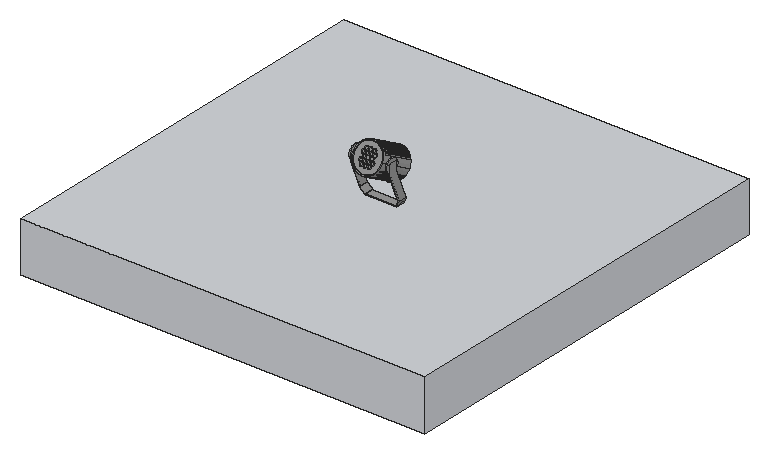
Revit family "LAMP_SHOT LED G2", category Modelos genéricos, Revit 2015 (continued)
Definition of nested family "Cabeza Shot g2"
  Automatic sketch dimensions
    Extrusion 11 sketch curve to plane 3 "Eje de origen de luz (I/D)" = 0.151 mm
    Extrusion 11 sketch curve to Extrusion 11 sketch curve = 0.276 mm
    Extrusion 11 sketch curve to Extrusion 11 sketch curve = 0.74 mm
    Extrusion 11 sketch curve to Extrusion 11 sketch curve = 0.762 mm  (x2)
    Extrusion 11 sketch curve to plane 1 "Eje de origen de luz (F/P)" = 2.345 mm
    Extrusion 11 sketch curve to plane 1 "Eje de origen de luz (F/P)" = 1.588 mm
    Extrusion 11 sketch curve to plane 1 "Eje de origen de luz (F/P)" = 1.499 mm
    Extrusion 11 sketch curve to plane 1 "Eje de origen de luz (F/P)" = 0.763 mm
    Extrusion 11 sketch curve to plane 1 "Eje de origen de luz (F/P)" = 0.678 mm
    plane 1 "Eje de origen de luz (F/P)" to Extrusion 11 sketch curve = 5.62 mm
    plane 1 "Eje de origen de luz (F/P)" to Extrusion 11 sketch curve = 5.8 mm
    plane 1 "Eje de origen de luz (F/P)" to Extrusion 11 sketch curve = 5.802 mm
    Extrusion 11 sketch curve to Extrusion 11 sketch curve = 0.004 mm
    Extrusion 11 sketch curve to Extrusion 11 sketch curve = 0.036 mm
    Extrusion 11 sketch curve to Extrusion 11 sketch curve = 0.308 mm
    Extrusion 11 sketch curve to Extrusion 11 sketch curve = 0.25 mm
    Extrusion 11 sketch curve to Extrusion 11 sketch curve = 0.733 mm
    Extrusion 11 sketch curve to Extrusion 11 sketch curve = 1.743 mm
    Extrusion 11 sketch curve to Extrusion 11 sketch curve = 1.437 mm
    Extrusion 11 sketch curve to Extrusion 11 sketch curve = 1.371 mm
    Extrusion 11 sketch curve to Extrusion 11 sketch curve = 1.628 mm
    Extrusion 11 sketch curve to Extrusion 11 sketch curve = 1.615 mm
    Extrusion 11 sketch curve to Extrusion 11 sketch curve = 1.682 mm
    Extrusion 11 sketch curve to Extrusion 11 sketch curve = 0.237 mm
    Extrusion 11 sketch curve to Extrusion 11 sketch curve = 0.252 mm
    Extrusion 11 sketch curve to Extrusion 11 sketch curve = 0.727 mm
    Extrusion 11 sketch curve to Extrusion 11 sketch curve = 0.775 mm
    Extrusion 11 sketch curve to Extrusion 11 sketch curve = 1.677 mm
    Extrusion 11 sketch curve to Extrusion 11 sketch curve = 0.946 mm
    Extrusion 11 sketch curve to Extrusion 11 sketch curve = 0.48 mm
    Extrusion 11 sketch curve to Extrusion 11 sketch curve = 6.048 mm
    Extrusion 11 sketch curve to Extrusion 11 sketch curve = 1.476 mm
    Extrusion 11 sketch curve to Extrusion 11 sketch curve = 9.055 mm
    Extrusion 11 sketch curve to Extrusion 11 sketch curve = 0.453 mm
    Extrusion 11 sketch curve to Extrusion 11 sketch curve = 1.725 mm
    Extrusion 11 sketch curve to Extrusion 11 sketch curve = 0.824 mm
    plane 3 "Eje de origen de luz (I/D)" to Extrusion 11 sketch curve = 3.954 mm  (x2)
    Extrusion 11 sketch curve to Extrusion 11 sketch curve = 0.076 mm
    Extrusion 11 sketch curve to Extrusion 11 sketch curve = 1.696 mm
    Extrusion 11 sketch curve to Extrusion 11 sketch curve = 0.883 mm
    Extrusion 11 sketch curve to Extrusion 11 sketch curve = 0.277 mm
    Extrusion 11 sketch curve to Extrusion 11 sketch curve = 3.444 mm
    plane 5 to Revolve 8 sketch curve = 46.5 mm
    plane 3 "Eje de origen de luz (I/D)" to Revolve 8 sketch curve = 100 mm
    Revolve 8 sketch curve to Revolve 8 sketch curve = 5 mm
    Revolve 8 sketch curve to Revolve 8 sketch curve = 14 mm
    Revolve 8 sketch curve to Revolve 8 sketch curve = 12.5 mm
    Revolve 8 sketch curve to Revolve 8 sketch curve = 27.5 mm
    Revolve 8 sketch curve to Revolve 8 sketch curve = 0 mm  (x2)
    Revolve 8 sketch curve to Revolve 8 sketch curve = 2 mm
    Extrusion 5 sketch curve to plane 3 "Eje de origen de luz (I/D)" = 0 mm  (x3)
    plane 1 "Eje de origen de luz (F/P)" to Extrusion 5 sketch curve = 0 mm  (x3)
    Extrusion 5 sketch curve to plane 1 "Eje de origen de luz (F/P)" = 19.947 mm  (x4)
    Extrusion 5 sketch curve to Extrusion 5 sketch curve = 20.3 mm  (x2)
    Extrusion 5 sketch curve to Extrusion 5 sketch curve = 0 mm  (x4)
    plane 1 "Eje de origen de luz (F/P)" to Extrusion 5 sketch curve = 19.947 mm  (x4)
    Extrusion 5 sketch curve to plane 3 "Eje de origen de luz (I/D)" = 11.5 mm  (x2)
    Extrusion 5 sketch curve to Extrusion 5 sketch curve = 23 mm  (x7)
    plane 3 "Eje de origen de luz (I/D)" to Extrusion 5 sketch curve = 11.5 mm  (x2)
    plane 3 "Eje de origen de luz (I/D)" to Extrusion 5 sketch curve = 23 mm  (x3)
    Extrusion 6 sketch curve to plane 3 "Eje de origen de luz (I/D)" = 0 mm  (x2)
    plane 1 "Eje de origen de luz (F/P)" to Extrusion 6 sketch curve = 0 mm  (x2)
    Extrusion 6 sketch curve to plane 1 "Eje de origen de luz (F/P)" = 19.947 mm  (x4)
    Extrusion 6 sketch curve to Extrusion 6 sketch curve = 20.3 mm  (x4)
    Extrusion 6 sketch curve to Extrusion 6 sketch curve = 0 mm  (x2)
    plane 1 "Eje de origen de luz (F/P)" to Extrusion 6 sketch curve = 19.947 mm  (x4)
    Extrusion 6 sketch curve to plane 3 "Eje de origen de luz (I/D)" = 11.5 mm  (x2)
    Extrusion 6 sketch curve to Extrusion 6 sketch curve = 11.5 mm  (x10)
    plane 3 "Eje de origen de luz (I/D)" to Extrusion 6 sketch curve = 11.5 mm  (x2)
    Extrusion 6 sketch curve to plane 1 "Eje de origen de luz (F/P)" = 9.647 mm  (x4)
    Extrusion 6 sketch curve to plane 1 "Eje de origen de luz (F/P)" = 10.3 mm  (x2)
    Extrusion 6 sketch curve to Extrusion 6 sketch curve = 10.3 mm  (x4)
    plane 1 "Eje de origen de luz (F/P)" to Extrusion 6 sketch curve = 9.647 mm  (x4)
    radius of Extrusion 5 sketch curve = 85 mm
    radius of Extrusion 5 sketch curve = 10.3 mm  (x16)
    radius of Extrusion 6 sketch curve = 10.3 mm  (x2)
Types (20, lengths in mm): name | Weight | Product datasheet | Product code | Power | Plum | Photometric web file | Modelo | Material lira | Luminaire type | LED Lifetime | Initial intensity | Initial color | Finish | Efficacy | Descripción
  3850LM 4000 STREET ANT | 6.428 kg | "http://www.lamp.es/product-files/TECH/SH250ST840NA-EN.pdf" | "SH250ST840NA" | 37 W | 41 W | Cabeza Shot g2 : 3850LM 4000 STREET ANT | "SH250ST840NA" | LAMP_Aluminio Shot Antracita | "Outdoor - Spotlight" | "60.000 L90 B10" | 3850 lm | 4000 K | "Textured anthracite grey" | 93.9 lm/W | "SHOT G2 5000 STREET 80 NW ANT"
  3850LM 4000 STREET GR | 6.428 kg | "http://www.lamp.es/product-files/TECH/SH250ST840NG-EN.pdf" | "SH250ST840NG" | 37 W | 41 W | Cabeza Shot g2 : 3850LM 4000 STREET GR | "SH250ST840NG" | LAMP_Aluminio Shot | "Outdoor - Spotlight" | "60.000 L90 B10" | 3850 lm | 4000 K | "Texturised grey" | 93.9 lm/W | "SHOT G2 5000 STREET 80 NW GR"
  4112LM 3000 MEDIUM FLOOD ANT | 6.378 kg | "http://www.lamp.es/product-files/TECH/SH250MF830NA-EN.pdf" | "SH250MF830NA" | 37 W | 41 W | Cabeza Shot g2 : 4112LM 3000 MEDIUM FLOOD ANT | "SH250MF830NA" | LAMP_Aluminio Shot Antracita | "Outdoor - Spotlight" | "60.000 L90 B10" | 4112 lm | 3000 K | "Textured anthracite grey" | 100.3 lm/W | "SHOT G2 5000 MFL 80 WW ANT"
  4112LM 3000 MEDIUM FLOOD GR | 6.378 kg | "http://www.lamp.es/product-files/TECH/SH250MF830NG-EN.pdf" | "SH250MF830NG" | 37 W | 41 W | Cabeza Shot g2 : 4112LM 3000 MEDIUM FLOOD GR | "SH250MF830NG" | LAMP_Aluminio Shot | "Outdoor - Spotlight" | "60.000 L90 B10" | 4112 lm | 3000 K | "Texturised grey" | 100.3 lm/W | "SHOT G2 5000 MFL 80 WW GR"
  4112LM 4000 MEDIUM FLOOD ANT | 6.378 kg | "http://www.lamp.es/product-files/TECH/SH250MF840NA-EN.pdf" | "SH250MF840NA" | 37 W | 41 W | Cabeza Shot g2 : 4112LM 4000 MEDIUM FLOOD ANT | "SH250MF840NA" | LAMP_Aluminio Shot Antracita | "Outdoor - Spotlight" | "60.000 L90 B10" | 4112 lm | 4000 K | "Textured anthracite grey" | 100.3 lm/W | "SHOT G2 5000 MFL 80 NW ANT"
  4112LM 4000 MEDIUM FLOOD GR | 6.378 kg | "http://www.lamp.es/product-files/TECH/SH250MF840NG-EN.pdf" | "SH250MF840NG" | 37 W | 41 W | Cabeza Shot g2 : 4112LM 4000 MEDIUM FLOOD GR | "SH250MF840NG" | LAMP_Aluminio Shot | "Outdoor - Spotlight" | "60.000 L90 B10" | 4112 lm | 4000 K | "Texturised grey" | 100.3 lm/W | "SHOT G2 5000 MFL 80 NW GR"
  4127LM 3000 SPOT ANT | 6.378 kg | "http://www.lamp.es/product-files/TECH/SH250SP830NA-EN.pdf" | "SH250SP830NA" | 37 W | 41 W | Cabeza Shot g2 : 4127LM 3000 SPOT ANT | "SH250SP830NA" | LAMP_Aluminio Shot Antracita | "Outdoor - Spotlight" | "60.000 L90 B10" | 4127 lm | 3000 K | "Textured anthracite grey" | 100.7 lm/W | "SHOT G2 5000 SP 80 WW ANT"
  4127LM 3000 SPOT GR | 6.378 kg | "http://www.lamp.es/product-files/TECH/SH250SP830NG-EN.pdf" | "SH250SP830NG" | 37 W | 41 W | Cabeza Shot g2 : 4127LM 3000 SPOT GR | "SH250SP830NG" | LAMP_Aluminio Shot | "Outdoor - Spotlight" | "60.000 L90 B10" | 4127 lm | 3000 K | "Texturised grey" | 100.7 lm/W | "SHOT G2 5000 SP 80 WW GR"
  4127LM 4000 SPOT ANT | 6.378 kg | "http://www.lamp.es/product-files/TECH/SH250SP840NA-EN.pdf" | "SH250SP840NA" | 37 W | 41 W | Cabeza Shot g2 : 4127LM 4000 SPOT ANT | "SH250SP840NA" | LAMP_Aluminio Shot Antracita | "Outdoor - Spotlight" | "60.000 L90 B10" | 4127 lm | 4000 K | "Textured anthracite grey" | 100.7 lm/W | "SHOT G2 5000 SP 80 NW ANT"
  4127LM 4000 SPOT GR | 6.378 kg | "http://www.lamp.es/product-files/TECH/SH250SP840NG-EN.pdf" | "SH250SP840NG" | 37 W | 41 W | Cabeza Shot g2 : 4127LM 4000 SPOT GR | "SH250SP840NG" | LAMP_Aluminio Shot | "Outdoor - Spotlight" | "60.000 L90 B10" | 4127 lm | 4000 K | "Texturised grey" | 100.7 lm/W | "SHOT G2 5000 SP 80 NW GR"
  5050LM 4000 STREET ANT | 6.524 kg | "http://www.lamp.es/product-files/TECH/SH270ST840NA-EN.pdf" | "SH270ST840NA" | 56 W | 61.2 W | Cabeza Shot g2 : 5050LM 4000 STREET ANT | "SH270ST840NA" | LAMP_Aluminio Shot Antracita | "Outdoor - Spotlight" | "60.000 L80 B10" | 5050 lm | 4000 K | "Textured anthracite grey" | 82.5 lm/W | "SHOT G2 7200 STREET 80 NW ANT"
  5050LM 4000 STREET GR | 6.524 kg | "http://www.lamp.es/product-files/TECH/SH270ST840NG-EN.pdf" | "SH270ST840NG" | 56 W | 61.2 W | Cabeza Shot g2 : 5050LM 4000 STREET GR | "SH270ST840NG" | LAMP_Aluminio Shot | "Outdoor - Spotlight" | "60.000 L80 B10" | 5050 lm | 4000 K | "Texturised grey" | 82.5 lm/W | "SHOT G2 7200 STREET 80 NW GR"
  5396LM 3000 MEDIUM FLOOD ANT | 6.474 kg | "http://www.lamp.es/product-files/TECH/SH270MF830NA-EN.pdf" | "SH270MF830NA" | 56 W | 61.2 W | Cabeza Shot g2 : 5396LM 3000 MEDIUM FLOOD ANT | "SH270MF830NA" | LAMP_Aluminio Shot Antracita | "Outdoor - Spotlight" | "60.000 L80 B10" | 5396 lm | 3000 K | "Textured anthracite grey" | 88.2 lm/W | "SHOT G2 7200 MFL 80 WW ANT"
  5396LM 3000 MEDIUM FLOOD GR | 6.474 kg | "http://www.lamp.es/product-files/TECH/SH270MF830NG-EN.pdf" | "SH270MF830NG" | 56 W | 61.2 W | Cabeza Shot g2 : 5396LM 3000 MEDIUM FLOOD GR | "SH270MF830NG" | LAMP_Aluminio Shot | "Outdoor - Spotlight" | "60.000 L80 B10" | 5396 lm | 3000 K | "Texturised grey" | 88.2 lm/W | "SHOT G2 7200 MFL 80 WW GR"
  5396LM 4000 MEDIUM FLOOD ANT | 6.474 kg | "http://www.lamp.es/product-files/TECH/SH270MF840NA-EN.pdf" | "SH270MF840NA" | 56 W | 61.2 W | Cabeza Shot g2 : 5396LM 4000 MEDIUM FLOOD ANT | "SH270MF840NA" | LAMP_Aluminio Shot Antracita | "Outdoor - Spotlight" | "60.000 L80 B10" | 5396 lm | 4000 K | "Textured anthracite grey" | 88.2 lm/W | "SHOT G2 7200 MFL 80 NW ANT"
  5396LM 4000 MEDIUM FLOOD GR | 6.474 kg | "http://www.lamp.es/product-files/TECH/SH270MF840NG-EN.pdf" | "SH270MF840NG" | 56 W | 61.2 W | Cabeza Shot g2 : 5396LM 4000 MEDIUM FLOOD GR | "SH270MF840NG" | LAMP_Aluminio Shot | "Outdoor - Spotlight" | "60.000 L80 B10" | 5396 lm | 4000 K | "Texturised grey" | 88.2 lm/W | "SHOT G2 7200 MFL 80 NW GR"
  5419LM 3000 SPOT ANT | 6.474 kg | "http://www.lamp.es/product-files/TECH/SH270SP830NA-EN.pdf" | "SH270SP830NA" | 56 W | 61.2 W | Cabeza Shot g2 : 5419LM 3000 SPOT ANT | "SH270SP830NA" | LAMP_Aluminio Shot Antracita | "Outdoor - Spotlight" | "60.000 L80 B10" | 5419 lm | 3000 K | "Textured anthracite grey" | 88.5 lm/W | "SHOT G2 7200 SP 80 WW ANT"
  5419LM 3000 SPOT GR | 6.474 kg | "http://www.lamp.es/product-files/TECH/SH270SP830NG-EN.pdf" | "SH270SP830NG" | 56 W | 61.2 W | Cabeza Shot g2 : 5419LM 3000 SPOT GR | "SH270SP830NG" | LAMP_Aluminio Shot | "Outdoor - Spotlight" | "60.000 L80 B10" | 5419 lm | 3000 K | "Texturised grey" | 88.5 lm/W | "SHOT G2 7200 SP 80 WW GR"
  5419LM 4000 SPOT ANT | 6.474 kg | "http://www.lamp.es/product-files/TECH/SH270SP840NA-EN.pdf" | "SH270SP840NA" | 56 W | 61.2 W | Cabeza Shot g2 : 5419LM 4000 SPOT ANT | "SH270SP840NA" | LAMP_Aluminio Shot Antracita | "Outdoor - Spotlight" | "60.000 L80 B10" | 5419 lm | 4000 K | "Textured anthracite grey" | 88.5 lm/W | "SHOT G2 7200 SP 80 NW ANT"
  5419LM 4000 SPOT GR | 6.474 kg | "http://www.lamp.es/product-files/TECH/SH270SP840NG-EN.pdf" | "SH270SP840NG" | 56 W | 61.2 W | Cabeza Shot g2 : 5419LM 4000 SPOT GR | "SH270SP840NG" | LAMP_Aluminio Shot | "" | "60.000 L80 B10" | 5419 lm | 4000 K | "Texturised grey" | 88.5 lm/W | "SHOT G2 7200 SP 80 NW GR"
